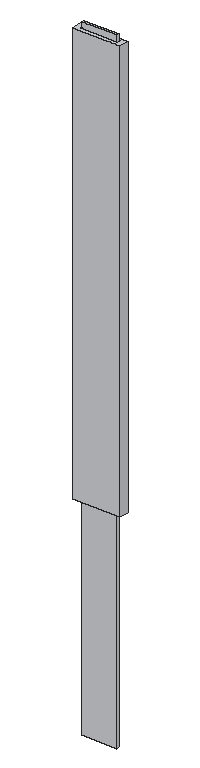
Revit family "Fin_wall", category Generic Models, Revit 2018
Family settings
  Can host rebar = No
  Round Connector Dimension = Use Diameter
  Part Type = Normal
  Work Plane-Based = No
  Always vertical = Yes
  Cut with Voids When Loaded = No
  Shared = No
  Room Calculation Point = No
Parameters
  Top constraint = 1800 mm
  Timber width = 200 mm
  Timber thickness = 38 mm
  Timber min. tolerance = 2 mm
  Timber max. tolerance = 4 mm
  Steel width = 150 mm
  Steel thickness = 10 mm
  Depth to foundation = 750 mm
Reference planes
  plane 1 "Center (Front/Back)": y = 0
  plane 2: z = 0
  plane 3 "Center (Left/Right)": x = 0
  plane 4: x = -100
  plane 5: x = 100
  plane 6: z = 1950
  plane 7: z = 150
  plane 8: y = 19
  plane 9: y = -19
  plane 10: y = 5
  plane 11: y = -5
  plane 12: x = -75
  plane 13: x = 75
  plane 14: z = 300
  plane 15: z = 1800
  plane 16: z = 1975
  plane 17: z = 1796
  plane 18: y = 7
  plane 19: y = -7
  plane 20: x = 77
  plane 21: x = -77
  plane 22: z = 304
  plane 23: z = -750
Forms (mm)
  Extrusion 1, solid
    sketch origin (0, 0, 150) x (1, 0, 0) y (0, 1, 0)
      loop
        line (-100, 19) -> (-100, -19) -> (100, -19) -> (100, 19) -> (-100, 19)
    from 0 to 1800
  Extrusion 2, solid
    sketch origin (1100, 5, 150) x (0, -1, 0) y (0, 0, -1)
      loop
        line (10, 900) -> (0, 900) -> (0, -150) -> (10, -150) -> (10, 900)
    from -1025 to -1175
  Extrusion 3, solid
    sketch origin (1100, 5, 1810) x (0, -1, 0) y (0, 0, -1)
      loop
        line (10, 10) -> (0, 10) -> (0, -165) -> (10, -165) -> (10, 10)
    from -1025 to -1175
  Extrusion 4, void
    sketch origin (0, 0, 0) x (1, 0, 0) y (0, 1, 0)
      loop
        line (-77, 7) -> (-77, -7) -> (77, -7) -> (77, 7) -> (-77, 7)
    from 1796 to 1950
  Extrusion 5, void
    sketch origin (0, 0, -1640) x (1, 0, 0) y (0, 1, 0)
      loop
        line (-77, 7) -> (-77, -7) -> (77, -7) -> (77, 7) -> (-77, 7)
    from 1790 to 1944
Cuts and joins
  Extrusion 4, Extrusion 5 cuts Extrusion 1
  Extrusion 4 cuts Extrusion 2
  Extrusion 5 cuts Extrusion 3
Dimensions and locks
  equal spacing: plane 5, plane 3 "Center (Left/Right)", plane 4, locked at 100 each
  "Top constraint": plane 6 to plane 7
  level to Extrusion 1 = 1950 mm
  equal spacing: plane 4, plane 3 "Center (Left/Right)", plane 5, locked at 100 each
  equal spacing: plane 8, plane 1 "Center (Front/Back)", plane 9, locked at 19 each
  "Timber thickness": plane 8 to plane 9
  "Timber width": plane 4 to plane 5
  "Steel width": plane 12 to plane 13
  "Steel thickness": plane 10 to plane 11
  "Timber min. tolerance": plane 18 to plane 10
  "Timber min. tolerance": plane 11 to plane 19
  "Timber min. tolerance": plane 21 to plane 12
  "Timber min. tolerance": plane 13 to plane 20
  "Timber max. tolerance": plane 15 to plane 17
  "Timber max. tolerance": plane 22 to plane 14
  equal spacing: plane 13, plane 3 "Center (Left/Right)", plane 12
  equal spacing: plane 20, plane 3 "Center (Left/Right)", plane 21
  "Depth to foundation": level to plane 23
  locked: plane 7 to level at 150
  locked: plane 6 to plane 15 at 150
  plane 6 to plane 17 = 154 mm
  locked: plane 16 to plane 6 at 25
  aligned and locked: level to plane 2
  aligned and locked: Extrusion 1 to plane 4
  aligned and locked: plane 5 to Extrusion 1
  aligned and locked: plane 8 to Extrusion 1
  aligned and locked: Extrusion 1 to plane 9
  aligned and locked: Extrusion 2 to plane 12
  aligned and locked: plane 13 to Extrusion 2
  aligned and locked: Extrusion 2 to plane 14
  aligned and locked: Extrusion 1 to plane 6
  aligned and locked: Extrusion 3 to plane 16
  aligned and locked: plane 15 to Extrusion 3
  aligned and locked: plane 13 to Extrusion 3
  aligned and locked: Extrusion 3 to plane 12
  aligned and locked: Extrusion 1 to Extrusion 4
  aligned and locked: plane 17 to Extrusion 4
  aligned and locked: plane 20 to Extrusion 4
  aligned and locked: Extrusion 4 to plane 21
  aligned and locked: plane 7 to Extrusion 5
  aligned and locked: Extrusion 5 to cut or joined group of Extrusion 1, Extrusion 4, Extrusion 5  (x2)
  aligned and locked: Extrusion 5 to plane 22
  aligned and locked: plane 23 to Extrusion 2
Automatic sketch dimensions
  Extrusion 1 sketch curve to plane 4 = 0 mm
  Extrusion 1 sketch curve to plane 5 = 0 mm
  Extrusion 1 sketch curve to plane 9 = 0 mm
  Extrusion 1 sketch curve to plane 8 = 0 mm
  Extrusion 2 sketch curve to plane 10 = 0 mm
  Extrusion 2 sketch curve to plane 11 = 0 mm
  plane 14 to Extrusion 2 sketch curve = 0 mm
  Extrusion 2 sketch curve to level = 750 mm
  Extrusion 3 sketch curve to plane 10 = 0 mm
  Extrusion 3 sketch curve to plane 11 = 0 mm
  plane 16 to Extrusion 3 sketch curve = 0 mm
  plane 15 to Extrusion 3 sketch curve = 0 mm
  Extrusion 4 sketch curve to plane 18 = 0 mm
  Extrusion 4 sketch curve to plane 21 = 0 mm
  Extrusion 4 sketch curve to plane 19 = 0 mm
  Extrusion 4 sketch curve to plane 20 = 0 mm
  Extrusion 5 sketch curve to plane 18 = 0 mm
  Extrusion 5 sketch curve to plane 21 = 0 mm
  Extrusion 5 sketch curve to plane 19 = 0 mm
  Extrusion 5 sketch curve to plane 20 = 0 mm
